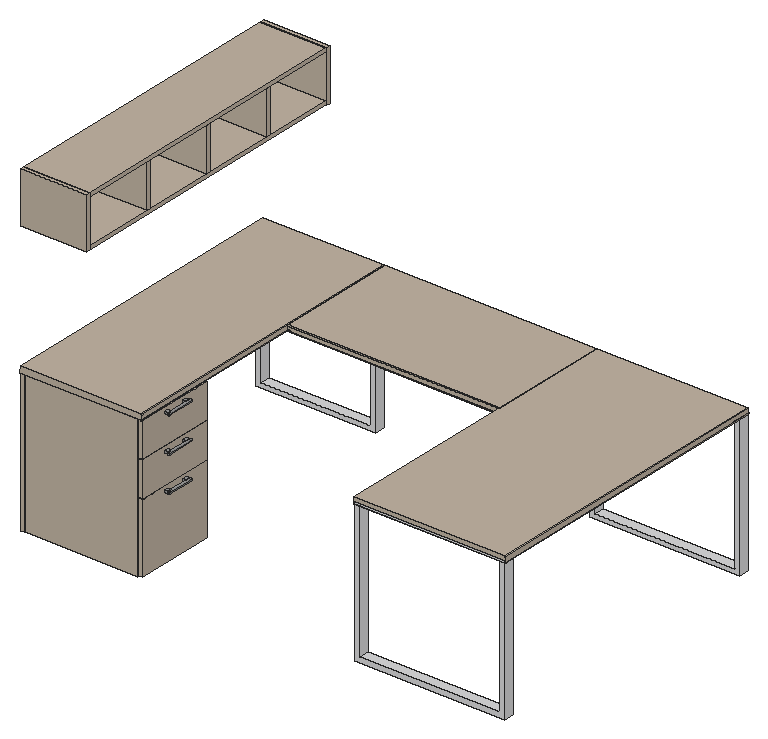
Revit family "JSI-Vision-Typical_Laminate-VST116", category Furniture, Revit 2020
Family settings
  OmniClass Number = 23.40.20.00
  OmniClass Title = General Furniture and Specialties
  Work Plane-Based = No
  Always vertical = Yes
  Cut with Voids When Loaded = No
  Shared = No
  Room Calculation Point = No
Parameters (values of type "VST116")
  URL = "www.jsifurniture.com"
  Type Comments = "Typical Laminate"  # constant formula
  Model = "VST116"
  Manufacturer = "JSI"  # constant formula
  Keynote = "12500"
  Default Elevation = 0"
  Assembly Code = "E2020200"
Reference planes (in)
  plane 1 "Center Front/Back": y = 0
  plane 2: z = 0
  plane 3 "Center Left/Right": x = 0
Dimensions and locks (in)
  aligned and locked: level to plane 2
Nested families (in)
  nested 1: "JSI-Vision-Wall_Mount_Cubby" at (0, -60.125, -7.75575) x (0, 1, 0) z (0, 0, 1), type "VST1060WCU, Laminate Wall Mount Cubby 10" x 60""
    with Overall Height 72", Verticall Partition Distance 14 13/16", Ver. Partition Start Distance 14 13/16", Unit Centre 30", Width 60", Overhead Height 0.072", Height 10.092", Depth 12.996", # of Vertical Partition 3
  nested 2: "JSI-Vision-Modular_Box_Box_File_Pedestal" at (0.1405, -60, 0) x (0, 1, 0) z (0, 0, 1), type "VST1624MBBF, Laminate Modular BBF Ped"
    with Ped Width 15.996", Ped Height 27.996", Ped Depth 24"
  nested 3: "JSI-Vision-Credenza_Top" at (0, -60, 27.996) x (0, 1, 0) z (0, 0, 1), type "VST2460MCT, Laminate Credenza Top, 24" x 60""
    with Height 0", Width 60", Depth 24"
  nested 4: "JSI-Vision-Rectangle_Desk_Top" at (66, -60, -2.004) x (0, 1, 0) z (0, 0, 1), type "VST3060MCT, Laminate Rectangular Desk Top, 30" x 60""
    with Width 60"
  nested 5: "JSI-Vision_Modular_Bridge_Top" at (60.06413, -10.75, -0.8165), type "VST4224MCT, Laminate 42 x 24 Modular Return/ Bridge Top"
    with Width 42", Depth 24"
  nested 6: "JSI-Vision-Metal_Rectangular_Base" at (95.90625, -59, 0) x (0, -1, 0) z (0, 0, 1), type "VSB3028FSQ, Metal Rectangular Base for Peninsula 28 5/16"H"
  nested 7: "JSI-Vision-Metal_Rectangular_Base" at (23.90625, -1, 0) x (0, 1, 0) z (0, 0, 1), type "VSB2428FSQ, Metal Rectangular Base for Peninsula 28 5/16"H"
  nested 8: "JSI-Vision-Metal_Rectangular_Base" at (96, -1, 0) x (0, 1, 0) z (0, 0, 1), type "VSB3028FSQ, Metal Rectangular Base for Peninsula 28 5/16"H"
  nested 9: "JSI-Vision-Modular_Full_Height_Back_Modular_Pedestal" at (0, -59.8765, 0) x (0, 1, 0) z (0, 0, 1), type "VST1628MPBK, Modular Full Height Back Panel for Modular Pedestal- Laminate"
Definition of nested family "JSI-Vision-Wall_Mount_Cubby"
  Parameters (values of type "Type Catalog")
    Verticall Partition Distance = if(Width > 47", ((Width - 3/4" - 3/4" - (# of Vertical Partition * 3/4")) / (# of Vertical Partition + 1) + 3/4"), 0")  # 17 3/4"
    Ver. Partition Start Distance = if(Width < 48", (Unit Centre - 3/8"), Verticall Partition Distance)  # 17 3/4"
    Unit Centre = Width / 2  # 27"
    Width = 54"
    URL = "www.jsifurniture.com"
    Type Comments = ""
    Tag = "Open"
    Series = "Vision Casegoods"  # constant formula
    Overhead Height = 1/16"
    Overall Height [instance] = 72"
    Model = "Type Catalog"
    Material = ""
    Manufacturer = "JSI"  # constant formula
    Keynote = "12500"
    JSI Enviromental Website = "http://www.svxfurniture.com/svx_sustainability_intro.php"
    Height = 10"
    Description = "Type Catalog"
    Depth = 13"
    Default Elevation = 0"
    Chassis = none
    Assembly Code = "E2020200"
    # of Vertical Partition = if(Width > 89", 5, (if(Width > 77", 4, (if(Width > 59", 3, (if(Width > 47", 2, 2)))))))  # 2
  Reference planes (in)
    plane 1 "Center Front/Back": y = 0
    plane 2: z = 0
    plane 3 "Center Left/Right": x = 0
    plane 4: z = 0
    plane 5: y = -0.125
    plane 6: x = 54.25
    plane 7: x = 0.125
    plane 8: x = 54.125
    plane 9: y = -13.21875
    plane 10: z = 72
    plane 11: x = 0.875
    plane 12: x = 53.375
    plane 13: y = -0.9375
    plane 14: y = -1.6875
    plane 15: z = 71.1875
    plane 16: z = 61.9375
    plane 17: z = 62.6875
    plane 18: z = 61.90625
    plane 19: z = 66
    plane 20: z = 68.1875
    plane 21: z = 69
    plane 22: x = 1.5
    plane 23: x = 52.75
    plane 24: y = -13.125
    plane 25: x = 27.125
    plane 26: z = 71.9375
    plane 27: z = 71.90625
    plane 28: x = 17.875
    plane 29: x = 18.25
    plane 30: x = 18.625
    plane 31: x = 0.5
    plane 32: x = 53.75
  Forms (in)
    Extrusion 1, solid, material <- "Chassis"
      sketch origin (0, 0, 0) x (1, 0, 0) y (0, 1, 0)
        loop
          line (0.125, -0.125) -> (0.125, -13.21875) -> (0.875, -13.21875) -> (0.875, -0.125) -> (0.125, -0.125)
      from 61.90625 to 72
    Extrusion 2, solid, material <- "Chassis"
      sketch origin (0, 0, 0) x (1, 0, 0) y (0, 1, 0)
        loop
          line (54.125, -0.125) -> (53.375, -0.125) -> (53.375, -13.21875) -> (54.125, -13.21875) -> (54.125, -0.125)
      from 61.90625 to 72
    Extrusion 3, solid, material <- "Chassis"
      sketch origin (0, 0, 0) x (1, 0, 0) y (0, 0, 1)
        loop
          line (0.875, 71.9375) -> (0.875, 71.1875) -> (53.375, 71.1875) -> (53.375, 71.9375) -> (0.875, 71.9375)
      from 0.125 to 13.125
    Extrusion 4, solid, material <- "Chassis"
      sketch origin (0, 0, 0) x (1, 0, 0) y (0, 0, 1)
        loop
          line (0.875, 62.6875) -> (0.875, 61.9375) -> (53.375, 61.9375) -> (53.375, 62.6875) -> (0.875, 62.6875)
      from 1.6875 to 13.125
    Extrusion 5, solid, material <- "Chassis"
      sketch origin (130.61992, -0.9375, 48) x (1, 0, 0) y (0, 0, 1)
        loop
          line (-129.74492, 23.1875) -> (-129.74492, 13.9375) -> (-77.24492, 13.9375) -> (-77.24492, 23.1875) -> (-129.74492, 23.1875)
      from 0 to 0.75
    Extrusion 6, solid, material <- "Chassis"
      sketch origin (1.5, -180, 96) x (0, 0, 1) y (0, -1, 0)
        loop
          line (-24.8125, -179.875) -> (-24.8125, -179.0625) -> (-27, -179.0625) -> (-27.8125, -179.875) -> (-24.8125, -179.875)
      from -0.625 to 51.875
    Extrusion 7, solid, material <- "Chassis"
      sketch origin (1.5, -180, 96) x (0, 0, 1) y (0, -1, 0)
        loop
          line (-27, -179.0625) -> (-30, -179.0625) -> (-30, -179.875) -> (-27.8125, -179.875) -> (-27, -179.0625)
      from 0 to 51.25
    Extrusion 8, solid, material <- "Chassis"
      sketch origin (136.18242, -1.6875, 79.90625) x (1, 0, 0) y (0, 0, 1)
        loop
          line (-118.30742, -8.71875) -> (-118.30742, -17.21875) -> (-117.55742, -17.21875) -> (-117.55742, -8.71875) -> (-118.30742, -8.71875)
      from 0 to 11.4375
    Extrusion 9, solid, material <- "Chassis"
      sketch origin (153.93242, -1.6875, 79.90625) x (1, 0, 0) y (0, 0, 1)
        loop
          line (-118.30742, -8.71875) -> (-118.30742, -17.21875) -> (-117.55742, -17.21875) -> (-117.55742, -8.71875) -> (-118.30742, -8.71875)
      from 0 to 11.4375
  Lines and regions (in)
    symbolic lines
      curve 1: line (54.125, -0.125, 0) -> (0.125, -0.125, 0)
      curve 2: line (0.125, -0.125, 0) -> (0.125, -13.21875, 0)
      curve 3: line (54.125, -13.21875, 0) -> (54.125, -0.125, 0)
      curve 4: line (0.125, -13.21875, 0) -> (54.125, -13.21875, 0)
  Dimensions and locks (in)
    locked: plane 3 "Center Left/Right" to plane 7 at 0.125
    locked: plane 8 to plane 6 at 0.125
    locked: plane 5 to plane 1 "Center Front/Back" at 0.125
    locked: plane 7 to plane 11 at 0.75
    locked: plane 12 to plane 8 at 0.75
    plane 14 to plane 13 to plane 5 = 3/4" locked, 13/16" locked
    plane 10 to plane 26 to plane 15 = 1/16" locked, 3/4" locked
    plane 17 to plane 16 to plane 18 = 3/4" locked, 1/32" locked
    locked: plane 11 to plane 22 at 0.625
    locked: plane 23 to plane 12 at 0.625
    plane 15 to plane 21 to plane 20 to plane 19 = 2 3/16" locked, 13/16" locked, 2 3/16" locked
    locked: plane 9 to plane 24 at 0.09375
    "Depth": plane 24 to plane 5
    "Width": plane 7 to plane 8
    "Unit Centre": plane 7 to plane 25
    locked: plane 10 to plane 27 at 0.09375
    "Height": plane 27 to plane 18
    plane 28 to plane 29 to plane 30 = 3/8" locked, 3/8" locked
    locked: plane 7 to plane 31 at 0.375
    locked: plane 32 to plane 8 at 0.375
    group 1 to group 2 = 17 3/4"
    group 1 to group 2 = 0"  (x2)
    "Verticall Partition Distance": Extrusion 8 to Extrusion 9
    "Ver. Partition Start Distance": plane 11 to plane 30
    "Overall Height": plane 10 to level
    aligned and locked: level to plane 2
    aligned and locked: plane 5 to Extrusion 1 sketch curve
    aligned and locked: plane 7 to Extrusion 1 sketch curve
    aligned and locked: Extrusion 1 sketch curve to plane 11
    aligned and locked: Extrusion 2 sketch curve to plane 5
    aligned and locked: plane 8 to Extrusion 2 sketch curve
    aligned and locked: Extrusion 2 sketch curve to plane 12
    aligned and locked: plane 9 to Extrusion 1
    aligned and locked: plane 9 to Extrusion 2
    aligned and locked: Extrusion 4 sketch curve to plane 17
    aligned and locked: plane 11 to Extrusion 4 sketch curve
    aligned and locked: plane 16 to Extrusion 4 sketch curve
    aligned and locked: Extrusion 4 sketch curve to plane 12
    aligned and locked: Extrusion 4 to plane 14
    aligned and locked: Extrusion 1 to Extrusion 5 sketch curve
    aligned and locked: Extrusion 2 to Extrusion 5 sketch curve
    aligned and locked: Extrusion 1 to plane 18
    aligned and locked: Extrusion 2 to plane 18
    aligned and locked: plane 5 to Extrusion 6 sketch curve
    aligned and locked: Extrusion 6 sketch curve to plane 13
    aligned and locked: Extrusion 6 sketch curve to plane 15
    aligned and locked: plane 20 to Extrusion 6 sketch curve
    aligned and locked: plane 21 to Extrusion 6 sketch curve
    aligned and locked: Extrusion 6 to plane 11
    aligned and locked: plane 12 to Extrusion 6
    aligned and locked: Extrusion 7 sketch curve to Extrusion 6
    aligned and locked: Extrusion 7 sketch curve to plane 5
    aligned and locked: plane 13 to Extrusion 7 sketch curve
    aligned and locked: Extrusion 7 sketch curve to plane 19
    aligned and locked: plane 21 to Extrusion 7 sketch curve
    aligned and locked: plane 20 to Extrusion 7 sketch curve
    aligned and locked: Extrusion 7 to plane 22
    aligned and locked: plane 23 to Extrusion 7
    aligned and locked: plane 9 to nested 1
    aligned and locked: plane 10 to Extrusion 1
    aligned and locked: plane 10 to Extrusion 2
    aligned and locked: plane 26 to Extrusion 3
    aligned and locked: Extrusion 3 to plane 15
    aligned and locked: plane 24 to Extrusion 3
    aligned and locked: plane 24 to Extrusion 4
    aligned and locked: Extrusion 5 to plane 16
    aligned and locked: Extrusion 3 to plane 5
    aligned and locked: Extrusion 8 to plane 14
    aligned and locked: plane 24 to Extrusion 8
    aligned and locked: plane 30 to Extrusion 8
    aligned and locked: Extrusion 8 to plane 28
    aligned and locked: plane 15 to Extrusion 8
    aligned and locked: plane 15 to Extrusion 9
    aligned and locked: plane 25 to nested 1
  Automatic sketch dimensions
    Extrusion 3 sketch curve to plane 8 = 3/4"
    Extrusion 3 sketch curve to plane 15 = 0"
    plane 9 to Extrusion 2 sketch curve = 0"
    plane 9 to Extrusion 1 sketch curve = 0"
    curve 2 to plane 7 = 0"
    plane 5 to curve 3 = 0"
    curve 3 to plane 8 = 0"
    plane 9 to curve 4 = 0"
    plane 7 to Extrusion 3 sketch curve = 3/4"
    plane 15 to Extrusion 5 sketch curve = 0"
    Extrusion 3 sketch curve to plane 10 = 1/16"
    Extrusion 8 sketch curve to Extrusion 8 sketch curve = 3/4"
    Extrusion 8 sketch curve to Extrusion 8 sketch curve = 8 1/2"
    Extrusion 9 sketch curve to Extrusion 9 sketch curve = 3/4"
    Extrusion 9 sketch curve to Extrusion 9 sketch curve = 8 1/2"
    Extrusion 5 sketch curve to plane 16 = 0"
  Nested families (in)
    nested 1: "Label 1-16 OH" at (27.125, -13.21875, 0), type "OH DOORS"
  Definition of nested family "Label 1-16 OH"
    Parameters
      Width = 1"
      Model Name = "XX"
    Reference planes (in)
      plane 1: y = 0
      plane 2: x = 0
    Text (in)
      label "XX" at (0.00051, -0.12324, 0), shows "Model Name"
Definition of nested family "JSI-Vision-Modular_Box_Box_File_Pedestal"
  Parameters (values of type "Type Catalog")
    URL = "www.jsifurniture.com"
    Tag = "BBF"
    Series = "Vision Casegoods"  # constant formula
    Pull Finish = none
    Ped Width = 16"
    Ped Height = 28"
    Model = "Type Catalog"
    Manufacturer = "JSI"  # constant formula
    Keynote = "12500"
    JSI Enviromental website = "http://www.jsifurniture.com/jsi_sustainability_intro.php"
    Description = "Type Catalog"
    Default Elevation = 0"
    Chassis = none
    Ped Depth = 20"
    Grommet Finish = none
    Drawer Front = none
    Assembly Code = "E2020200"
  Reference planes (in)
    plane 1 "Center Front/Back": y = 0
    plane 2: z = 0
    plane 3 "Center Left/Right": x = 0
    plane 4: x = 0.125
    plane 5: x = 16.125
    plane 6: x = 16.25
    plane 7: y = -18.9795
    plane 8: y = -0.1875
    plane 9: y = -19.1095
    plane 10: x = 0.18716
    plane 11: x = 16.06243
    plane 12: y = -19.8595
    plane 13: z = 27.89082
    plane 14: z = 28
    plane 15: x = 0.875
    plane 16: x = 15.376
    plane 17: y = -0.9375
    plane 18: y = -18.23863
    plane 19: z = 27.1404
    plane 20: z = 26.5625
    plane 21: y = -3.9375
    plane 22: x = 8.125
    plane 23: y = -20
    plane 24: y = -9.80266
    plane 25: y = -14.80266
    plane 26: z = 27.1875
    plane 27: z = 21.04715
    plane 28: z = 20.92165
    plane 29: z = 20.1704
    plane 30: z = 14.0779
    plane 31: z = 13.9529
    plane 32: z = 13.2024
    plane 33: z = 0.1404
  Forms (in)
    Extrusion 1, solid, material <- "Chassis"
      sketch origin (0.125, -0.1875, 48) x (0, 1, 0) y (0, 0, 1)
        loop
          line (0, -20) -> (-2.2814, -20) -> (-18.792, -20) -> (-18.792, -48) -> (0, -48) -> (0, -20)
      from 0 to 0.75
    Extrusion 2, solid, material <- "Chassis"
      sketch origin (16.125, -0.1875, 48) x (0, 1, 0) y (0, 0, 1)
        loop
          line (0, -20) -> (-1.49541, -20) -> (-18.792, -20) -> (-18.792, -48) -> (0, -48) -> (0, -20)
      from -0.749 to 0
    Extrusion 3, solid, material <- "Drawer Front"
      sketch origin (0, 0, 0) x (1, 0, 0) y (0, 0, 1)
        loop
          line (0.18716, 27.89082) -> (0.18716, 21.04715) -> (16.06243, 21.04715) -> (16.06243, 27.89082) -> (0.18716, 27.89082)
        loop
          line (16.06243, 14.0779) -> (16.06243, 20.92165) -> (0.18716, 20.92165) -> (0.18716, 14.0779) -> (16.06243, 14.0779)
        loop
          line (0.18716, 13.9529) -> (0.18716, 0.1404) -> (16.06243, 0.1404) -> (16.06243, 13.9529) -> (0.18716, 13.9529)
      from 19.1095 to 19.8595
    Extrusion 4, solid, material <- "Chassis"
      sketch origin (0, 0, 0) x (1, 0, 0) y (0, 1, 0)
        loop
          line (0.875, -18.23863) -> (0.875, -18.9795) -> (15.376, -18.9795) -> (15.376, -18.23863) -> (0.875, -18.23863)
      from 0 to 1.9375
    Extrusion 5, solid, material <- "Chassis"
      sketch origin (0, 0, 0) x (0, 1, 0) y (0, 0, 1)
        loop
          line (-9.80266, 27.1875) -> (-9.80266, 27.89082) -> (-14.80266, 27.89082) -> (-14.80266, 27.1875) -> (-9.80266, 27.1875)
      from 0.875 to 15.376
    Extrusion 6, solid, material <- "Chassis"
      sketch origin (0, 0, 0) x (0, 1, 0) y (0, 0, 1)
        loop
          line (-0.1875, 28) -> (-0.9375, 28) -> (-0.9375, 23) -> (-0.1875, 23) -> (-0.1875, 28)
        loop
          line (-0.9375, 5) -> (-0.9375, 0) -> (-0.1875, 0) -> (-0.1875, 5) -> (-0.9375, 5)
      from 0.875 to 15.376
  Lines and regions (in)
    symbolic lines
      curve 1: line (0.125, -18.9795, 0) -> (0.125, -0.1875, 0)
      curve 2: line (16.125, -0.1875, 0) -> (16.125, -18.9795, 0)
      curve 3: line (0.18716, -19.1095, 0) -> (16.06243, -19.1095, 0)
      curve 4: line (0.18716, -19.8595, 0) -> (0.18716, -19.1095, 0)
      curve 5: line (16.06243, -19.8595, 0) -> (0.18716, -19.8595, 0)
      curve 6: line (16.06243, -19.1095, 0) -> (16.06243, -19.8595, 0)
      curve 7: line (0.875, -0.1875, 0) -> (0.875, -18.9795, 0)
      curve 8: line (0.125, -18.9795, 0) -> (0.875, -18.9795, 0)
      curve 9: line (15.376, -0.1875, 0) -> (15.376, -18.9795, 0)
      curve 10: line (15.376, -18.9795, 0) -> (16.125, -18.9795, 0)
      curve 11: line (0.125, -0.1875, 0) -> (16.125, -0.1875, 0)
      curve 12: line (0.875, -0.9375, 0) -> (15.376, -0.9375, 0)
  Dimensions and locks (in)
    plane 3 "Center Left/Right" to plane 4 = 1/8"
    locked: plane 5 to plane 6 at 0.125
    "Ped Width": plane 4 to plane 5
    locked: plane 1 "Center Front/Back" to plane 8 at 0.1875
    "Ped Height": plane 14 to level
    locked: plane 8 to plane 17 at 0.75
    plane 18 to plane 7 to plane 9 to plane 12 = 0.74087" locked, 0.13" locked, 3/4" locked
    plane 4 to plane 10 to plane 15 = 0.06216" locked, 0.68784" locked
    plane 16 to plane 11 to plane 5 = 0.68644" locked, 0.06257" locked
    locked: plane 14 to plane 20 at 1.4375
    locked: plane 1 "Center Front/Back" to plane 21 at 3.9375
    plane 3 "Center Left/Right" to plane 22 to plane 6 = 8 1/8", 8 1/8"
    "Ped Depth": plane 23 to plane 1 "Center Front/Back"
    locked: plane 12 to plane 23 at 0.1405
    plane 24 to plane 25 to plane 23 = 5" locked, 5.19734" locked
    locked: plane 14 to Extrusion 6 sketch curve at 5
    locked: Extrusion 6 sketch curve to plane 2 at 5
    plane 14 to plane 13 to plane 27 to plane 28 to plane 30 to plane 31 to plane 33 to plane 2 = 0.10918" locked, 6.84367" locked, 0.1255" locked, 6 27/32" locked, 1/8" locked, 13 13/16", 0.1404" locked
    plane 19 to plane 29 to plane 32 to plane 2 = 6.97" locked, 6.968" locked, 13.2024" locked
    aligned and locked: level to plane 2
    aligned and locked: Extrusion 1 sketch curve to plane 7
    aligned and locked: Extrusion 1 sketch curve to level
    aligned and locked: Extrusion 2 sketch curve to plane 14
    aligned and locked: level to Extrusion 2 sketch curve
    aligned and locked: plane 7 to Extrusion 2 sketch curve
    aligned and locked: Extrusion 3 sketch curve to plane 13
    aligned and locked: Extrusion 3 sketch curve to plane 10  (x2)
    aligned and locked: plane 11 to Extrusion 3 sketch curve  (x2)
    aligned and locked: Extrusion 3 to plane 12
    aligned and locked: plane 9 to Extrusion 3
    aligned and locked: Extrusion 4 sketch curve to plane 18
    aligned and locked: plane 15 to Extrusion 4 sketch curve
    aligned and locked: nested 1 to plane 12
    aligned and locked: nested 2 to plane 12
    aligned and locked: plane 19 to nested 2
    aligned and locked: plane 24 to Extrusion 5 sketch curve
    aligned and locked: Extrusion 5 sketch curve to plane 26
    aligned and locked: Extrusion 5 sketch curve to plane 25
    aligned and locked: plane 13 to Extrusion 5 sketch curve
    aligned and locked: Extrusion 5 to plane 15
    aligned and locked: plane 16 to Extrusion 5
    aligned and locked: nested 3 to plane 22
    aligned and locked: nested 3 to plane 23
    aligned and locked: nested 2 to plane 22
    aligned and locked: nested 1 to plane 22
    aligned and locked: Extrusion 3 sketch curve to Extrusion 3 sketch curve  (x2)
    aligned and locked: nested 4 to plane 22
    aligned and locked: nested 4 to plane 12
    aligned and locked: Extrusion 3 to plane 28
    aligned and locked: plane 27 to Extrusion 3
    aligned and locked: Extrusion 3 to plane 31
    aligned and locked: plane 30 to Extrusion 3
    aligned and locked: plane 8 to Extrusion 1
    aligned and locked: plane 8 to Extrusion 2
    aligned and locked: curve 7 to Extrusion 1
    aligned and locked: plane 8 to curve 9
    aligned and locked: Extrusion 2 to plane 16
    aligned and locked: plane 8 to Extrusion 6 sketch curve
    aligned and locked: Extrusion 6 sketch curve to plane 17
    aligned and locked: Extrusion 6 sketch curve to plane 2
    aligned and locked: Extrusion 6 sketch curve to plane 8
    aligned and locked: plane 17 to Extrusion 6 sketch curve
    aligned and locked: Extrusion 6 sketch curve to plane 14
    aligned and locked: Extrusion 6 to plane 15
    aligned and locked: plane 16 to Extrusion 6
    aligned and locked: plane 4 to curve 11
    aligned and locked: plane 5 to curve 11
    aligned and locked: curve 11 to plane 8
    aligned and locked: plane 15 to curve 12
    aligned and locked: plane 16 to curve 12
    aligned and locked: curve 12 to plane 17
    aligned and locked: plane 33 to Extrusion 3
  Automatic sketch dimensions
    Extrusion 3 sketch curve to plane 19 = 6 7/32"
    Extrusion 3 sketch curve to Extrusion 3 sketch curve = 0.1255"
    Extrusion 1 sketch curve to plane 14 = 0"
    Extrusion 1 sketch curve to Extrusion 1 sketch curve = 2.2814"
    Extrusion 2 sketch curve to plane 17 = 0.74541"
    Extrusion 3 sketch curve to Extrusion 3 sketch curve = 1/8"
    Extrusion 3 sketch curve to Extrusion 3 sketch curve = 6 31/32"
    level to Extrusion 3 sketch curve = 0.1404"
    plane 17 to Extrusion 1 sketch curve = 3/4"
    Extrusion 4 sketch curve to plane 7 = 0"
    Extrusion 4 sketch curve to plane 16 = 0"
    plane 17 to Extrusion 2 sketch curve = 3/4"
    curve 3 to plane 9 = 0"
    curve 3 to plane 10 = 0"
    curve 10 to plane 7 = 0"
    curve 5 to plane 11 = 0"
    curve 4 to plane 12 = 0"
    curve 1 to plane 7 = 0"
  Nested families (in)
    nested 1: "Bar Pull" at (8.125, -19.8595, 13.2024), Pull Finish <- "Pull Finish", type "PL"
      with Pull Finish none
    nested 2: "Bar Pull" at (8.125, -19.8595, 27.1404), Pull Finish <- "Pull Finish", type "PL"
      with Pull Finish none
    nested 3: "Label 1-16" at (8.125, -20, 0), type "DRWCFG"
    nested 4: "Bar Pull" at (8.125, -19.8595, 20.1704), Pull Finish <- "Pull Finish", type "PL"
      with Pull Finish none
  Definition of nested family "Bar Pull"
    Parameters
      Pull Finish [instance] = none
      Default Elevation = 0"
    Reference planes (in)
      plane 1 "Center Front/Back": y = 0
      plane 2: z = 0
      plane 3 "Center Left/Right": x = 0
      plane 4: x = -2.68731
      plane 5: x = -1.88731
      plane 6: x = 2.68731
      plane 7: x = 1.88731
      plane 8: y = -1
      plane 9: y = -0.85202
    Forms (in)
      Extrusion 1, solid, material <- "Pull Finish"
        sketch origin (0, 0, 0) x (0, 1, 0) y (0, 0, 1)
          loop
            line (0, -0.2015) -> (0, 0.2015) -> (-0.85202, 0.2015)
            arc (-0.85202, 0.2015) -> (-0.75, 0) -> (-0.85202, -0.2015) r 0.25
            line (-0.85202, -0.2015) -> (0, -0.2015)
        from 1.88731 to 2.68731
      Extrusion 2, solid, material <- "Pull Finish"
        sketch origin (0, 0, 0) x (0, 1, 0) y (0, 0, 1)
          loop
            circle (-1, 0) r 0.25
        from -2.68731 to 2.68731
      Extrusion 3, solid, material <- "Pull Finish"
        sketch origin (0, 0, 0) x (0, 1, 0) y (0, 0, -1)
          loop
            line (0, 0.2015) -> (-0.85202, 0.2015)
            arc (-0.85202, 0.2015) -> (-0.75, 0) -> (-0.85202, -0.2015) r 0.25
            line (-0.85202, -0.2015) -> (0, -0.2015) -> (0, 0.2015)
        from 1.88731 to 2.68731
    Dimensions and locks (in)
      plane 4 to plane 5 to plane 3 "Center Left/Right" to plane 7 to plane 6 = 0.8" locked, 1.88731" locked, 1.88731" locked, 0.8" locked
      plane 8 to plane 9 to plane 1 "Center Front/Back" = 0.14798" locked, 0.85202" locked
      aligned and locked: level to plane 2
      aligned and locked: plane 4 to Extrusion 3
      aligned and locked: Extrusion 3 to plane 5
      aligned and locked: plane 4 to Extrusion 2
      aligned and locked: Extrusion 1 to plane 7
      aligned and locked: plane 6 to Extrusion 1
      aligned and locked: plane 6 to Extrusion 2
      aligned and locked: plane 8 to Extrusion 2 sketch curve
      aligned and locked: Extrusion 3 to plane 1 "Center Front/Back"
      aligned and locked: Extrusion 1 to plane 1 "Center Front/Back"
      aligned and locked: plane 5 to Extrusion 3
      aligned and locked: Extrusion 3 to plane 4
      aligned and locked: Extrusion 2 to plane 4
      aligned and locked: plane 7 to Extrusion 1
      aligned and locked: Extrusion 1 to plane 6
      aligned and locked: Extrusion 2 to plane 6
  Definition of nested family "Label 1-16"
    Parameters
      Width = 1"
      Model Name = "2 Drw - 2 Drs"
    Reference planes (in)
      plane 1: y = 0
      plane 2: x = 0
    Text (in)
      label "XX" at (0.00051, -0.12324, 0), shows "Model Name"
Definition of nested family "JSI-Vision-Credenza_Top"
  Parameters (values of type "Type Catalog")
    Worksurface = none
    Width = 30"
    URL = "www.jsifurniture.com"
    Type Comments = ""
    Series = "Vision Casegoods"  # constant formula
    Model = "Type Catalog"
    Material = ""
    Manufacturer = "JSI"  # constant formula
    Keynote = "12500"
    JSI Enviromental Website = "http://www.jsifurniture.com/jsi_sustainability_intro.php"
    Height [instance] = 0"
    Description = "Type Catalog"
    Depth = 20"
    Default Elevation = 0"
    Assembly Code = "E2020200"
  Reference planes (in)
    plane 1 "Center Front/Back": y = 0
    plane 2: z = 0
    plane 3 "Center Left/Right": x = 0
    plane 4: z = 0
    plane 5: x = 30
    plane 6: y = -20
    plane 7: z = 1.1875
    plane 8: z = 0
  Forms (in)
    Extrusion 1, solid, material <- "Worksurface"
      sketch origin (0, 0, 28) x (0, 1, 0) y (0, 0, 1)
        loop
          line (-19.88189, -28) -> (0, -28) -> (0, -26.8125) -> (-19.88189, -26.8125)
          arc (-19.88189, -26.8125) -> (-19.96541, -26.84709) -> (-20, -26.93061) r 0.11811
          line (-20, -26.93061) -> (-20, -27.88189)
          arc (-20, -27.88189) -> (-19.96541, -27.96541) -> (-19.88189, -28) r 0.11811
      from 0 to 30
  Lines and regions (in)
    symbolic lines
      curve 1: line (0, 0, 0) -> (30, 0, 0)
      curve 2: line (0, -20, 0) -> (0, 0, 0)
      curve 3: line (30, -20, 0) -> (0, -20, 0)
      curve 4: line (30, 0, 0) -> (30, -20, 0)
  Dimensions and locks (in)
    "Depth": plane 6 to plane 1 "Center Front/Back"
    "Width": plane 5 to plane 3 "Center Left/Right"
    locked: plane 7 to plane 8 at 1.1875
    "Height": plane 8 to level
    aligned and locked: level to plane 2
    aligned and locked: plane 5 to Extrusion 1
    aligned and locked: curve 1 to Extrusion 1
    aligned and locked: curve 2 to Extrusion 1
    aligned and locked: plane 6 to curve 3
    aligned and locked: curve 4 to plane 5
    aligned and locked: Extrusion 1 to plane 8
    aligned and locked: plane 7 to Extrusion 1
  Automatic sketch dimensions
    Extrusion 1 sketch curve to plane 6 = 0"
    level to Extrusion 1 sketch curve = 0"
    Extrusion 1 sketch curve to plane 7 = 0"
    Extrusion 1 sketch curve to plane 1 "Center Front/Back" = 0"
    Extrusion 1 sketch curve to Extrusion 1 sketch curve = 0.11811"
    plane 6 to Extrusion 1 sketch curve = 0.11811"
Definition of nested family "JSI-Vision-Rectangle_Desk_Top"
  Parameters (values of type "Type Catalog")
    Worksurface = none
    Width = 42"
    URL = "www.jsifurniture.com"
    Type Comments = ""
    Series = "Vision Casegoods"  # constant formula
    Model = "Type Catalog"
    Material = ""
    Manufacturer = "JSI"  # constant formula
    Keynote = "12500"
    JSI Enviromental Website = "http://www.jsifurniture.com/jsi_sustainability_intro.php"
    Height = 30"
    Description = "Type Catalog"
    Depth = 30"
    Default Elevation = 0"
    Assembly Code = "E2020200"
  Reference planes (in)
    plane 1 "Center Front/Back": y = 0
    plane 2: z = 0
    plane 3 "Center Left/Right": x = 0
    plane 4: z = 0
    plane 5: x = 42
    plane 6: y = -30
    plane 7: z = 31.1875
    plane 8: z = 30
  Forms (in)
    Extrusion 1, solid, material <- "Worksurface"
      sketch origin (0, 0, 28) x (0, 1, 0) y (0, 0, 1)
        loop
          line (-29.88189, 2) -> (0, 2) -> (0, 3.1875) -> (-29.88189, 3.1875)
          arc (-29.88189, 3.1875) -> (-29.96541, 3.15291) -> (-30, 3.06939) r 0.11811
          line (-30, 3.06939) -> (-30, 2.11811)
          arc (-30, 2.11811) -> (-29.96541, 2.03459) -> (-29.88189, 2) r 0.11811
      from 0 to 42
  Lines and regions (in)
    symbolic lines
      curve 1: line (0, 0, 0) -> (42, 0, 0)
      curve 2: line (0, -30, 0) -> (0, 0, 0)
      curve 3: line (42, -30, 0) -> (0, -30, 0)
      curve 4: line (42, 0, 0) -> (42, -30, 0)
  Dimensions and locks (in)
    "Depth": plane 6 to plane 1 "Center Front/Back"
    "Width": plane 5 to plane 3 "Center Left/Right"
    locked: plane 7 to plane 8 at 1.1875
    "Height": plane 8 to level
    aligned and locked: level to plane 2
    aligned and locked: plane 5 to Extrusion 1
    aligned and locked: curve 1 to Extrusion 1
    aligned and locked: curve 2 to Extrusion 1
    aligned and locked: plane 6 to curve 3
    aligned and locked: curve 4 to plane 5
    aligned and locked: Extrusion 1 to plane 8
    aligned and locked: Extrusion 1 to plane 7
  Automatic sketch dimensions
    Extrusion 1 sketch curve to plane 6 = 0"
    level to Extrusion 1 sketch curve = 30"
    Extrusion 1 sketch curve to plane 7 = 0"
    Extrusion 1 sketch curve to plane 1 "Center Front/Back" = 0"
    Extrusion 1 sketch curve to Extrusion 1 sketch curve = 0.11811"
    plane 6 to Extrusion 1 sketch curve = 0.11811"
Definition of nested family "JSI-Vision_Modular_Bridge_Top"
  Parameters (values of type "Type Catalog")
    Worksurface = none
    Width = 36"
    URL = "www.jsifurniture.com"
    Type Comments = ""
    Series = "Vision Casegoods"  # constant formula
    Model = "Type Catalog"
    Material = ""
    Manufacturer = "JSI"  # constant formula
    Keynote = "12500"
    JSI Enviromental Website = "http://www.jsifurniture.com/jsi_sustainability_intro.php"
    Height = 30"
    Grommet Finish = none
    Description = "Type Catalog"
    Depth = 20"
    Default Elevation = 0"
    Assembly Code = "E2020200"
  Reference planes (in)
    plane 1: z = 0
    plane 2 "Center (Left/Right)": x = -36.06413
    plane 3: z = 30
    plane 4: z = 28.8125
    plane 5: y = -9.25
    plane 6 "Center (Front/Back)": y = 10.75
    plane 7: x = -18.06413
    plane 8: x = -0.06413
    plane 9: y = 7.8125
  Forms (in)
    Extrusion 1, solid, material <- "Worksurface"
      sketch origin (-36.06413, 0, 0) x (0, 1, 0) y (0, 0, 1)
        loop
          line (10.75, 28.8125) -> (10.75, 30) -> (-9.125, 30)
          arc (-9.125, 30) -> (-9.21339, 29.96339) -> (-9.25, 29.875) r 0.125
          line (-9.25, 29.875) -> (-9.25, 28.9375)
          arc (-9.25, 28.9375) -> (-9.21339, 28.84911) -> (-9.125, 28.8125) r 0.125
          line (-9.125, 28.8125) -> (10.75, 28.8125)
      from 0 to 36
  Lines and regions (in)
    symbolic lines
      curve 1: line (-36.06413, 10.75, 0) -> (-36.06413, -9.25, 0)
      curve 2: line (-0.06413, 10.75, 0) -> (-36.06413, 10.75, 0)
      curve 3: line (-0.06413, -9.25, 0) -> (-0.06413, 10.75, 0)
      curve 4: line (-36.06413, -9.25, 0) -> (-0.06413, -9.25, 0)
  Dimensions and locks (in)
    "Height": plane 3 to level
    locked: plane 3 to plane 4 at 1.1875
    equal spacing: plane 2 "Center (Left/Right)", plane 7, plane 8
    "Width": plane 2 "Center (Left/Right)" to plane 8
    "Depth": plane 5 to plane 6 "Center (Front/Back)"
    locked: plane 6 "Center (Front/Back)" to plane 9 at 2.9375
    aligned and locked: level to plane 1
    aligned and locked: Extrusion 1 to plane 8
    aligned and locked: curve 1 to Extrusion 1
    aligned and locked: curve 2 to Extrusion 1
    aligned and locked: curve 3 to Extrusion 1
    aligned and locked: curve 4 to plane 5
  Automatic sketch dimensions
    Extrusion 1 sketch curve to plane 5 = 0"
    Extrusion 1 sketch curve to plane 3 = 0"
    Extrusion 1 sketch curve to plane 4 = 0"
    Extrusion 1 sketch curve to plane 6 "Center (Front/Back)" = 0"
    Extrusion 1 sketch curve to Extrusion 1 sketch curve = 1/8"
    plane 5 to Extrusion 1 sketch curve = 1/8"
    curve 1 to plane 2 "Center (Left/Right)" = 0"
    plane 6 "Center (Front/Back)" to curve 3 = 0"
    curve 4 to plane 8 = 0"
Definition of nested family "JSI-Vision-Metal_Rectangular_Base"
  Parameters (values of type "VSB2428FSQ, Metal Rectangular Base for Peninsula 28 5/16"H")
    Width = 23 13/16"
    URL = "www.jsifurniture.com"
    Type Comments = ""
    Series = "Vision Casegoods"  # constant formula
    Model = "VSB2428FSQ"
    Manufacturer = "JSI"  # constant formula
    Keynote = "12500"  # constant formula
    JSI Enviromental Website = "http://www.jsifurniture.com/jsi_sustainability_intro.php"
    Height = 28 5/16"
    Glide Finish = none
    Depth = 2"
    Default Elevation = 0"
    Base Finish = none
    Description = "Metal Rectangular Base for Peninsula 23 13/16\"W x 2\"D x 28 5/16\"H"
    Assembly Code = "E2020200"
  Types (2): name | Width | Model | Description
    VSB3028FSQ, Metal Rectangular Base for Peninsula 28 5/16"H | 29 13/16" | "VSB3028FSQ" | "Metal Rectangular Base for Peninsula 29 13/16\"W x 2\"D x 28 5/16\"H"
    VSB2428FSQ, Metal Rectangular Base for Peninsula 28 5/16"H | 23 13/16" | "VSB2428FSQ" | "Metal Rectangular Base for Peninsula 23 13/16\"W x 2\"D x 28 5/16\"H"
  Reference planes (in)
    plane 1 "Center Front/Back": y = 0
    plane 2: z = 0
    plane 3 "Center Left/Right": x = 0
    plane 4: z = 0
    plane 5: z = 28.3125
    plane 6: x = -3
    plane 7: x = -1
    plane 8: y = -23.8125
    plane 9: x = 1
    plane 10: z = 28.0625
    plane 11: y = -2
    plane 12: y = -21.8125
  Forms (in)
    Sweep 1, solid, material <- "Base Finish"
      path origin (0, 0, 0) x (0, 1, 0) y (0, 0, 1)
        loop
          line (-23.8125, 28.0625) -> (-23.8125, 0.25) -> (0, 0.25) -> (0, 28.0625)
      profile origin (0, -23.8125, 14.15625) x (1, 0, 0) y (0, 1, 0)
        loop
          line (-1, 1) -> (-1, 0) -> (1, 0) -> (1, 1) -> (-1, 1)
    Extrusion 2, solid, material <- "Base Finish"
      sketch origin (0, 0, 0) x (1, 0, 0) y (0, 1, 0)
        loop
          line (-3, 0) -> (-3, -23.8125) -> (1, -23.8125) -> (1, 0) -> (-3, 0)
      from 28.3125 to 28.0625
    Revolve 3, solid, material <- "Glide Finish"
      sketch origin (0, 0, 0) x (0, 1, 0) y (0, 0, 1)
        loop
          line (-2, 0.75) -> (-2, 0) -> (-1.76145, 0)
          arc (-1.76145, 0) -> (-1.7185, 0.01649) -> (-1.69761, 0.05748) r 0.06418
          line (-1.69761, 0.05748) -> (-1.67738, 0.25) -> (-1.90202, 0.25) -> (-1.90202, 0.75) -> (-2, 0.75)
        axis (-2, 0.75) -> (-2, 0)
      angle from 0 to 360
    Revolve 4, solid, material <- "Glide Finish"
      sketch origin (0, 0, 0) x (0, 1, 0) y (0, 0, 1)
        loop
          line (-21.8125, 0.75) -> (-21.8125, 0) -> (-21.57395, 0)
          arc (-21.57395, 0) -> (-21.531, 0.01649) -> (-21.51011, 0.05748) r 0.06418
          line (-21.51011, 0.05748) -> (-21.48988, 0.25) -> (-21.71452, 0.25) -> (-21.71452, 0.75) -> (-21.8125, 0.75)
        axis (-21.8125, 0.75) -> (-21.8125, 0)
      angle from 0 to 360
  Lines and regions (in)
    symbolic lines
      curve 1: line (-3, 0, 0) -> (-3, -23.8125, 0)
      curve 2: line (-3, -23.8125, 0) -> (1, -23.8125, 0)
      curve 3: line (1, -23.8125, 0) -> (1, 0, 0)
      curve 4: line (1, 0, 0) -> (-3, 0, 0)
      curve 5: line (-1, 0, 0) -> (-1, -23.8125, 0)
  Dimensions and locks (in)
    equal spacing: plane 7, plane 3 "Center Left/Right", plane 9, locked at 1 each
    "Width": plane 1 "Center Front/Back" to plane 8
    "Height": plane 5 to plane 4
    locked: plane 10 to plane 5 at 0.25
    locked: Sweep 1 sketch curve to plane 4 at 0.25
    locked: plane 8 to Sweep 1 sketch curve at 1
    locked: plane 1 "Center Front/Back" to plane 11 at 2
    locked: plane 12 to plane 8 at 2
    Revolve 3 sketch curve to Revolve 3 sketch curve to Revolve 3 sketch curve to plane 4 = 1/2" locked, 0.18582" locked, 0.06418" locked
    plane 11 to Revolve 3 sketch curve to Revolve 3 sketch curve to Revolve 3 sketch curve = 0.09798" locked, 0.14057" locked, 0.08407" locked
    Revolve 4 sketch curve to Revolve 4 sketch curve to Revolve 4 sketch curve = 1/2" locked, 0.18582" locked
    Revolve 4 sketch curve to Revolve 4 sketch curve to Revolve 4 sketch curve to Revolve 4 sketch curve = 0.09798" locked, 0.14057" locked, 0.08407" locked
    "Depth": plane 7 to plane 9
    locked: plane 6 to plane 7 at 2
    aligned and locked: level to plane 2
    aligned and locked: plane 10 to Sweep 1 sketch curve  (x2)
    aligned and locked: plane 9 to Sweep 1 sketch curve
    aligned and locked: plane 8 to Sweep 1 sketch curve
    aligned and locked: Extrusion 2 sketch curve to plane 1 "Center Front/Back"
    aligned and locked: Extrusion 2 sketch curve to plane 8
    aligned and locked: Extrusion 2 sketch curve to plane 9
    aligned and locked: Revolve 3 sketch curve to plane 11
    aligned and locked: plane 11 to Revolve 3 sketch curve
    aligned and locked: plane 12 to Revolve 4 sketch curve  (x2)
    aligned and locked: plane 3 "Center Left/Right" to Revolve 3
    aligned and locked: plane 3 "Center Left/Right" to Revolve 4
    aligned and locked: Sweep 1 sketch curve to plane 7
    aligned and locked: plane 6 to Extrusion 2
    aligned and locked: Extrusion 2 to plane 9
    aligned and locked: curve 1 to Extrusion 2
    aligned and locked: curve 2 to Extrusion 2
    aligned and locked: curve 3 to Extrusion 2
    aligned and locked: curve 4 to Extrusion 2
    aligned and locked: curve 5 to Sweep 1
  Automatic sketch dimensions
    Sweep 1 sketch curve to plane 8 = 0"
    Sweep 1 sketch curve to plane 1 "Center Front/Back" = 0"
    Extrusion 2 sketch curve to plane 8 = 0"
    Revolve 3 sketch curve to level = 0"
    level to Revolve 3 sketch curve = 0.05748"
    Revolve 3 sketch curve to level = 0.22225"
    Revolve 3 sketch curve to Revolve 3 sketch curve = 0.09538"
    Revolve 4 sketch curve to level = 0"
    level to Revolve 4 sketch curve = 0.05748"
    Revolve 4 sketch curve to Revolve 4 sketch curve = 0.06383"
    Revolve 4 sketch curve to level = 0.22225"
    Revolve 4 sketch curve to Revolve 4 sketch curve = 0.09538"
    plane 7 to Extrusion 2 sketch curve = 2"
Definition of nested family "JSI-Vision-Modular_Full_Height_Back_Modular_Pedestal"
  Parameters (values of type "VSV1628MPBK, Modular Full Height Back Panel for Modular Pedestal- Veneer")
    Panel Finish = none
    Width = 16"
    URL = "www.jsifurniture.com"
    Type Comments = ""
    Series = "Vision Casegoods"  # constant formula
    Model = "VSV1628MPBK"
    Material = ""
    Manufacturer = "JSI"  # constant formula
    Keynote = "12500"  # constant formula
    JSI Enviromental Website = "http://www.jsifurniture.com/jsi_sustainability_intro.php"
    Height = 28"
    Description = "Modular Full Height Back Panel for Modular Pedestal- Veneer"
    Depth = 3/4"
    Default Elevation = 0"
    Assembly Code = "E2020200"
  Types (4): name | Width | Model | Description
    VST1628MPBK, Modular Full Height Back Panel for Modular Pedestal- Laminate | 16" | "VST1628MPBK" | "Modular Full Height Back Panel for Modular Pedestal- Laminate"
    VST3628MPBK, Modular Full Height Back Panel for Modular Pedestal- Laminate | 35 7/8" | "VST3628MPBK" | "Modular Full Height Back Panel for Modular Pedestal- Laminate"
    VSV1628MPBK, Modular Full Height Back Panel for Modular Pedestal- Veneer | 16" | "VSV1628MPBK" | "Modular Full Height Back Panel for Modular Pedestal- Veneer"
    VSV3628MPBK, Modular Full Height Back Panel for Modular Pedestal- Veneer | 35 7/8" | "VSV3628MPBK" | "Modular Full Height Back Panel for Modular Pedestal- Veneer"
  Reference planes (in)
    plane 1 "Center Front/Back": y = 0
    plane 2: z = 0
    plane 3 "Center Left/Right": x = 0
    plane 4: z = 28
    plane 5: x = 16
    plane 6: y = -0.75
  Forms (in)
    Extrusion 1, solid, material <- "Panel Finish"
      sketch origin (0, 0, 0) x (1, 0, 0) y (0, 1, 0)
        loop
          line (0, 0) -> (0, -0.75) -> (16, -0.75) -> (16, 0) -> (0, 0)
      from 0 to 28
  Lines and regions (in)
    symbolic lines
      curve 1: line (0, 0, 0) -> (16, 0, 0)
      curve 2: line (0, -0.75, 0) -> (0, 0, 0)
      curve 3: line (16, -0.75, 0) -> (0, -0.75, 0)
      curve 4: line (16, 0, 0) -> (16, -0.75, 0)
  Dimensions and locks (in)
    "Width": plane 3 "Center Left/Right" to plane 5
    "Depth": plane 1 "Center Front/Back" to plane 6
    "Height": plane 4 to plane 2
    aligned and locked: level to plane 2
    aligned and locked: plane 3 "Center Left/Right" to Extrusion 1 sketch curve
    aligned and locked: Extrusion 1 sketch curve to plane 5
    aligned and locked: plane 6 to Extrusion 1 sketch curve
    aligned and locked: plane 1 "Center Front/Back" to Extrusion 1 sketch curve
    aligned and locked: plane 4 to Extrusion 1
    aligned and locked: plane 3 "Center Left/Right" to curve 2
    aligned and locked: curve 4 to plane 5
    aligned and locked: plane 1 "Center Front/Back" to curve 1
    aligned and locked: plane 6 to curve 3
